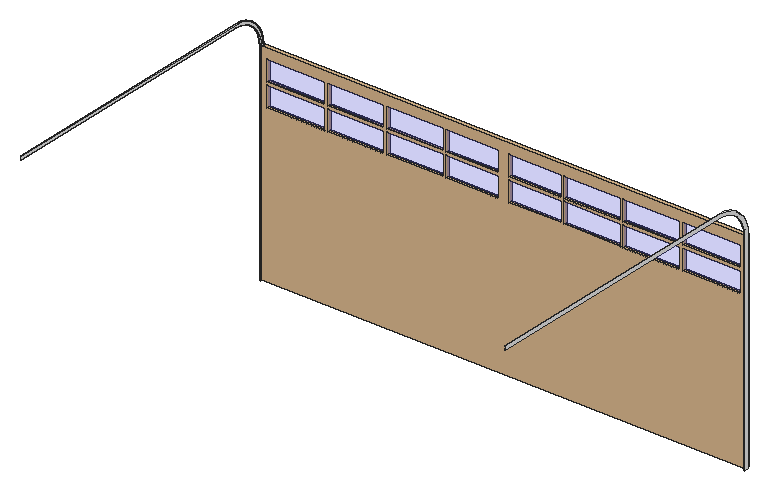
Revit family
Parameters (values of type "7Ft H x 16Ft W")
  Track Width = Width + 0' 2"  # 16' - 2"
  Track Height = Height + 1' 0"  # 8' - 0"
  Track Depth = 10' - 0"
  Track = Metal
  SmartBIM Object Version = 1  # constant formula
  SmartBIM Object Created By = "Reed Construction Data"  # constant formula
  Rough Width = 0' - 0"
  Rough Height = 0' - 0"
  Panel Thickness = 0' - 1 1/2"
  Manufacturer = ""
  Height = 7' - 0"
  Wall Closure = (empty or 0)
  Width = 16' - 0"
  Door Glass = Glass
  Door = Wood
  95 CSI = "08360"  # constant formula
  04 CSI = "08 36 13"  # constant formula
Types (3): name | Track Width | Width
  (no name) | 16' - 2" | 16' - 0"
  7Ft H x 8Ft W | 8' - 2" | 8' - 0"
  7Ft H x 16Ft W | 16' - 2" | 16' - 0"
Reference planes (in)
  plane 1 "Center (Front/Back)": y = 0
  plane 2 "Center (Left/Right)": x = 0
  plane 3 "Left": x = -96
  plane 4 "Right": x = 96
  plane 5 "Top": z = 84
  plane 6: x = -97
  plane 7: x = 97
  plane 8: y = -3.25
  plane 9: z = 81
  plane 10: y = -3.5
  plane 11: y = -3.5
  plane 12 "Ext": y = -4.25
  plane 13: y = -3.5
  plane 14 "Int": y = -2.75
  plane 15: z = 3
  plane 16: y = -3.5
  plane 17: z = 61.5
  plane 18: z = 80
  plane 19: x = 95
  plane 20: z = 62.5
  plane 21: x = 2
  plane 22: x = -2
  plane 23: x = -95
  plane 24: z = 59
  plane 25: x = -71.25
  plane 26: x = -47.5
  plane 27: x = -23.75
  plane 28: x = 71.25
  plane 29: x = 47.5
  plane 30: x = 23.75
  plane 31: z = 71.25
  plane 32: z = 40.33333
  plane 33: z = 21.66667
Forms (in)
  Extrusion 1, solid, material "Wood" <- "Door"
    sketch origin (0, 0, 0) x (1, 0, 0) y (0, 0, 1)
      loop
        line (-97, 84) -> (-97, 0) -> (97, 0) -> (97, 84) -> (-97, 84)
      loop
        line (-95, 80) -> (-95, 71.75) -> (-71.75, 71.75) -> (-71.75, 80) -> (-95, 80)
      loop
        line (-95, 62.5) -> (-71.75, 62.5) -> (-71.75, 70.75) -> (-95, 70.75) -> (-95, 62.5)
      loop
        line (95, 62.5) -> (95, 70.75) -> (71.75, 70.75) -> (71.75, 62.5) -> (95, 62.5)
      loop
        line (2, 80) -> (2, 71.75) -> (23.25, 71.75) -> (23.25, 80) -> (2, 80)
      loop
        line (2, 62.5) -> (23.25, 62.5) -> (23.25, 70.75) -> (2, 70.75) -> (2, 62.5)
      loop
        line (-70.75, 80) -> (-70.75, 71.75) -> (-48, 71.75) -> (-48, 80) -> (-70.75, 80)
      loop
        line (-47, 80) -> (-47, 71.75) -> (-24.25, 71.75) -> (-24.25, 80) -> (-47, 80)
      loop
        line (-48, 62.5) -> (-48, 70.75) -> (-70.75, 70.75) -> (-70.75, 62.5) -> (-48, 62.5)
      loop
        line (-23.25, 80) -> (-23.25, 71.75) -> (-2, 71.75) -> (-2, 80) -> (-23.25, 80)
      loop
        line (-24.25, 62.5) -> (-24.25, 70.75) -> (-47, 70.75) -> (-47, 62.5) -> (-24.25, 62.5)
      loop
        line (24.25, 80) -> (24.25, 71.75) -> (47, 71.75) -> (47, 80) -> (24.25, 80)
      loop
        line (48, 80) -> (48, 71.75) -> (70.75, 71.75) -> (70.75, 80) -> (48, 80)
      loop
        line (47, 62.5) -> (47, 70.75) -> (24.25, 70.75) -> (24.25, 62.5) -> (47, 62.5)
      loop
        line (71.75, 80) -> (71.75, 71.75) -> (95, 71.75) -> (95, 80) -> (71.75, 80)
      loop
        line (70.75, 62.5) -> (70.75, 70.75) -> (48, 70.75) -> (48, 62.5) -> (70.75, 62.5)
      loop
        line (-2, 70.75) -> (-23.25, 70.75) -> (-23.25, 62.5) -> (-2, 62.5) -> (-2, 70.75)
    from 2.75 to 4.25
  Extrusion 2, solid, material "Glass" <- "Door Glass"
    sketch origin (0, -3.25, 0) x (1, 0, 0) y (0, 0, 1)
      loop
        line (-95, 80) -> (-95, 71.75) -> (-71.75, 71.75) -> (-71.75, 80) -> (-95, 80)
      loop
        line (-70.75, 80) -> (-70.75, 71.75) -> (-48, 71.75) -> (-48, 80) -> (-70.75, 80)
      loop
        line (-47, 80) -> (-47, 71.75) -> (-24.25, 71.75) -> (-24.25, 80) -> (-47, 80)
      loop
        line (-23.25, 80) -> (-23.25, 71.75) -> (-2, 71.75) -> (-2, 80) -> (-23.25, 80)
      loop
        line (2, 80) -> (2, 71.75) -> (23.25, 71.75) -> (23.25, 80) -> (2, 80)
      loop
        line (24.25, 80) -> (24.25, 71.75) -> (47, 71.75) -> (47, 80) -> (24.25, 80)
      loop
        line (48, 80) -> (48, 71.75) -> (70.75, 71.75) -> (70.75, 80) -> (48, 80)
      loop
        line (71.75, 80) -> (71.75, 71.75) -> (95, 71.75) -> (95, 80) -> (71.75, 80)
      loop
        line (95, 70.75) -> (71.75, 70.75) -> (71.75, 62.5) -> (95, 62.5) -> (95, 70.75)
      loop
        line (48, 70.75) -> (48, 62.5) -> (70.75, 62.5) -> (70.75, 70.75) -> (48, 70.75)
      loop
        line (24.25, 70.75) -> (24.25, 62.5) -> (47, 62.5) -> (47, 70.75) -> (24.25, 70.75)
      loop
        line (2, 70.75) -> (2, 62.5) -> (23.25, 62.5) -> (23.25, 70.75) -> (2, 70.75)
      loop
        line (-23.25, 70.75) -> (-23.25, 62.5) -> (-2, 62.5) -> (-2, 70.75) -> (-23.25, 70.75)
      loop
        line (-47, 70.75) -> (-47, 62.5) -> (-24.25, 62.5) -> (-24.25, 70.75) -> (-47, 70.75)
      loop
        line (-70.75, 70.75) -> (-70.75, 62.5) -> (-48, 62.5) -> (-48, 70.75) -> (-70.75, 70.75)
      loop
        line (-95, 70.75) -> (-95, 62.5) -> (-71.75, 62.5) -> (-71.75, 70.75) -> (-95, 70.75)
    from 0 to 0.5
Lines and regions (in)
  Opening 1
    outline origin (-90, -2.75, 0) x (1, 0, 0) y (0, 0, 1)
      loop
        line (-6, 0) -> (186, 0) -> (186, 84) -> (-6, 84) -> (-6, 0)
  model lines
    curve 1: line (95, -4.25, 59) -> (2, -4.25, 59)
    curve 2: line (95, -4.25, 3) -> (95, -4.25, 21.16667)
    curve 3: line (2, -4.25, 59) -> (2, -4.25, 40.83333)
    curve 4: line (-2, -4.25, 3) -> (-95, -4.25, 3)
    curve 5: line (-2, -4.25, 59) -> (-2, -4.25, 40.83333)
    curve 6: line (-95, -4.25, 59) -> (-2, -4.25, 59)
    curve 7: line (-95, -4.25, 3) -> (-95, -4.25, 21.16667)
    curve 8: line (-2, -2.75, 59) -> (-2, -2.75, 40.83333)
    curve 9: line (-95, -2.75, 3) -> (-95, -2.75, 21.16667)
    curve 10: line (-95, -2.75, 59) -> (-2, -2.75, 59)
    curve 11: line (95, -2.75, 59) -> (2, -2.75, 59)
    curve 12: line (2, -2.75, 59) -> (2, -2.75, 40.83333)
    curve 13: line (95, -2.75, 3) -> (95, -2.75, 21.16667)
    curve 14: line (2, -4.25, 3) -> (95, -4.25, 3)
    curve 15: line (-2, -2.75, 3) -> (-95, -2.75, 3)
    curve 16: line (2, -2.75, 3) -> (95, -2.75, 3)
    curve 17: line (-95, -2.75, 40.83333) -> (-2, -2.75, 40.83333)
    curve 18: line (95, -2.75, 39.83333) -> (2, -2.75, 39.83333)
    curve 19: line (95, -2.75, 21.16667) -> (2, -2.75, 21.16667)
    curve 20: line (-95, -2.75, 22.16667) -> (-2, -2.75, 22.16667)
    curve 21: line (95, -2.75, 40.83333) -> (95, -2.75, 59)
    curve 22: line (95, -2.75, 22.16667) -> (95, -2.75, 39.83333)
    curve 23: line (2, -2.75, 39.83333) -> (2, -2.75, 22.16667)
    curve 24: line (-2, -2.75, 39.83333) -> (-2, -2.75, 22.16667)
    curve 25: line (2, -2.75, 21.16667) -> (2, -2.75, 3)
    curve 26: line (-2, -2.75, 21.16667) -> (-2, -2.75, 3)
    curve 27: line (-95, -2.75, 40.83333) -> (-95, -2.75, 59)
    curve 28: line (-95, -2.75, 22.16667) -> (-95, -2.75, 39.83333)
    curve 29: line (2, -2.75, 40.83333) -> (95, -2.75, 40.83333)
    curve 30: line (-2, -2.75, 39.83333) -> (-95, -2.75, 39.83333)
    curve 31: line (-2, -2.75, 21.16667) -> (-95, -2.75, 21.16667)
    curve 32: line (2, -2.75, 22.16667) -> (95, -2.75, 22.16667)
    curve 33: line (-95, -4.25, 40.83333) -> (-2, -4.25, 40.83333)
    curve 34: line (95, -4.25, 39.83333) -> (2, -4.25, 39.83333)
    curve 35: line (95, -4.25, 21.16667) -> (2, -4.25, 21.16667)
    curve 36: line (-95, -4.25, 22.16667) -> (-2, -4.25, 22.16667)
    curve 37: line (2, -4.25, 40.83333) -> (95, -4.25, 40.83333)
    curve 38: line (-2, -4.25, 39.83333) -> (-95, -4.25, 39.83333)
    curve 39: line (2, -4.25, 39.83333) -> (2, -4.25, 22.16667)
    curve 40: line (-2, -4.25, 39.83333) -> (-2, -4.25, 22.16667)
    curve 41: line (-2, -4.25, 21.16667) -> (-95, -4.25, 21.16667)
    curve 42: line (2, -4.25, 22.16667) -> (95, -4.25, 22.16667)
    curve 43: line (-2, -4.25, 21.16667) -> (-2, -4.25, 3)
    curve 44: line (2, -4.25, 21.16667) -> (2, -4.25, 3)
    curve 45: line (95, -4.25, 22.16667) -> (95, -4.25, 39.83333)
    curve 46: line (95, -4.25, 40.83333) -> (95, -4.25, 59)
    curve 47: line (-95, -4.25, 40.83333) -> (-95, -4.25, 59)
    curve 48: line (-95, -4.25, 22.16667) -> (-95, -4.25, 39.83333)
Text (in)
  text "Exterior" at (-74.96733, 27.31104, 0), in view "Ref. Level"
  text "Interior" at (-76.69036, -30.31274, 0), in view "Ref. Level"
  text "Exterior" at (0, 40.15149, 123.01588), in view "Right"
  text "Interior" at (0, -64.39139, 123.01588), in view "Right"
  text "Interior" at (0, -31.01599, 123.00693), in view "Left"
  text "Exterior" at (0, 54.57065, 123.00693), in view "Left"
Dimensions and locks (in)
  equal spacing: plane 3 "Left", plane 2 "Center (Left/Right)", plane 4 "Right"
  "Width": plane 3 "Left" to plane 4 "Right"
  locked: plane 6 to plane 3 "Left" at 1
  locked: plane 4 "Right" to plane 7 at 1
  plane 9 to plane 5 "Top" = 0' - 3"
  host wall to plane 8 to plane 10 = 0' - 0 1/2", 0' - 0 1/4"
  equal spacing: plane 12 "Ext", plane 13, plane 14 "Int"
  "Panel Thickness": plane 14 "Int" to plane 12 "Ext"
  plane 5 "Top" to plane 9 = 0' - 3"
  equal spacing: plane 7, plane 2 "Center (Left/Right)", plane 6
  locked: plane 15 to level at 3
  "Height": plane 5 "Top" to level
  locked: plane 17 to plane 9 at 19.5
  plane 2 "Center (Left/Right)" to plane 4 "Right" = 8' - 0"
  plane 2 "Center (Left/Right)" to plane 3 "Left" = 8' - 0"
  locked: plane 19 to plane 4 "Right" at 1
  locked: plane 21 to plane 2 "Center (Left/Right)" at 2
  locked: plane 2 "Center (Left/Right)" to plane 22 at 2
  locked: plane 3 "Left" to plane 23 at 1
  locked: plane 18 to plane 9 at 1
  locked: plane 17 to plane 20 at 1
  locked: Extrusion 2 to Extrusion 2 at 0.5
  locked: Extrusion 2 to plane 14 "Int" at 0.5
  locked: plane 24 to plane 17 at 2.5
  level to plane 15 = 0' - 3"
  plane 3 "Left" to plane 2 "Center (Left/Right)" = 8' - 0"
  plane 4 "Right" to plane 2 "Center (Left/Right)" = 8' - 0"
  equal spacing: plane 23, plane 25, plane 26, plane 27, plane 2 "Center (Left/Right)"
  equal spacing: plane 19, plane 28, plane 29, plane 30, plane 2 "Center (Left/Right)"
  equal spacing: plane 18, plane 31, plane 20
  equal spacing: Extrusion 1 sketch curve, plane 25, Extrusion 1 sketch curve
  locked: Extrusion 1 sketch curve to Extrusion 1 sketch curve at 1  (x7)
  equal spacing: Extrusion 1 sketch curve, plane 26, Extrusion 1 sketch curve
  equal spacing: Extrusion 1 sketch curve, plane 27, Extrusion 1 sketch curve
  equal spacing: Extrusion 1 sketch curve, plane 30, Extrusion 1 sketch curve
  equal spacing: Extrusion 1 sketch curve, plane 29, Extrusion 1 sketch curve
  equal spacing: Extrusion 1 sketch curve, plane 28, Extrusion 1 sketch curve
  equal spacing: Extrusion 1 sketch curve, plane 31, Extrusion 1 sketch curve
  equal spacing: plane 15, plane 33, plane 32, plane 24
  equal spacing: curve 33, plane 32, curve 38
  locked: curve 33 to curve 38 at 1
  equal spacing: curve 36, plane 33, curve 41
  locked: curve 36 to curve 41 at 1
  equal spacing: Extrusion 1 sketch curve, plane 2 "Center (Left/Right)", Extrusion 1 sketch curve
  locked: Extrusion 1 sketch curve to Extrusion 1 sketch curve at 4
  aligned and locked: plane 3 "Left" to Opening 1 sketch curve
  aligned and locked: plane 5 "Top" to Opening 1 sketch curve
  aligned and locked: Opening 1 sketch curve to plane 5 "Top"
  aligned and locked: Opening 1 sketch curve to plane 4 "Right"
  aligned and locked: Opening 1 sketch curve to level
  aligned and locked: Extrusion 1 sketch curve to plane 6
  aligned and locked: Extrusion 1 sketch curve to plane 7
  aligned and locked: Extrusion 1 sketch curve to level
  aligned and locked: Extrusion 1 sketch curve to host wall
  aligned and locked: plane 10 to plane 11
  aligned and locked: host wall to plane 14 "Int"
  aligned and locked: plane 11 to plane 13
  aligned and locked: plane 12 "Ext" to Extrusion 1
  aligned and locked: Extrusion 1 to host wall
  aligned and locked: plane 16 to plane 13
  aligned and locked: curve 1 to plane 24
  aligned and locked: plane 15 to curve 44
  aligned and locked: curve 4 to plane 15
  aligned and locked: plane 24 to curve 47
  aligned and locked: curve 8 to curve 5
  aligned and locked: curve 9 to curve 7
  aligned and locked: curve 10 to curve 6
  aligned and locked: curve 11 to curve 1
  aligned and locked: curve 12 to curve 3
  aligned and locked: curve 13 to curve 2
  aligned and locked: Extrusion 1 sketch curve to plane 18
  aligned and locked: Extrusion 1 sketch curve to plane 20
  aligned and locked: Extrusion 1 sketch curve to plane 19
  aligned and locked: Extrusion 1 sketch curve to plane 23
  aligned and locked: Extrusion 1 sketch curve to Extrusion 1 sketch curve  (x26)
  aligned and locked: Extrusion 2 sketch curve to Extrusion 1  (x56)
  aligned and locked: Extrusion 1 to Extrusion 2 sketch curve  (x4)
  aligned and locked: curve 33 to curve 37
  aligned and locked: curve 34 to curve 38
  aligned and locked: curve 36 to curve 42
  aligned and locked: curve 35 to curve 41
  aligned and locked: plane 21 to Extrusion 1 sketch curve
  aligned and locked: plane 22 to Extrusion 1 sketch curve
  aligned and locked: nested 1 to plane 2 "Center (Left/Right)"
  aligned and locked: nested 1 to plane 12 "Ext"
Automatic sketch dimensions
  curve 46 to plane 19 = 0' - 0"
  curve 43 to plane 22 = 0' - 0"
  curve 3 to plane 21 = 0' - 0"
  curve 16 to plane 15 = 0' - 0"
  Extrusion 1 sketch curve to Extrusion 1 sketch curve = 0' - 0"  (x4)
  Extrusion 1 sketch curve to plane 20 = 0' - 0"  (x5)
  Extrusion 1 sketch curve to plane 18 = 0' - 0"  (x5)
  Extrusion 1 sketch curve to plane 19 = 0' - 0"
  Extrusion 1 sketch curve to plane 23 = 0' - 0"
  curve 15 to plane 15 = 0' - 0"
  plane 32 to curve 17 = 0' - 0 1/2"
  curve 31 to plane 33 = 0' - 0 1/2"
  curve 13 to plane 33 = 0' - 0 1/2"
  curve 23 to plane 32 = 0' - 0 1/2"
  plane 33 to curve 24 = 0' - 0 1/2"
  curve 28 to plane 32 = 0' - 0 1/2"
  curve 27 to plane 23 = 0' - 0"
  curve 28 to plane 23 = 0' - 0"
  curve 26 to plane 22 = 0' - 0"
  plane 33 to curve 32 = 0' - 0 1/2"
  curve 24 to plane 22 = 0' - 0"
  plane 32 to curve 29 = 0' - 0 1/2"
  curve 23 to plane 21 = 0' - 0"
  curve 21 to plane 19 = 0' - 0"
  curve 18 to plane 19 = 0' - 0"
  curve 19 to plane 21 = 0' - 0"
  curve 33 to curve 38 = 0' - 0"
  curve 36 to curve 41 = 0' - 0"
  curve 42 to curve 35 = 0' - 0"
  curve 47 to plane 23 = 0' - 0"
  curve 5 to plane 22 = 0' - 0"
  curve 40 to plane 22 = 0' - 0"
  curve 44 to plane 21 = 0' - 0"
  curve 39 to plane 21 = 0' - 0"
  curve 34 to plane 19 = 0' - 0"
  Extrusion 2 sketch curve to plane 22 = 0' - 0"  (x2)
  Extrusion 2 sketch curve to plane 21 = 0' - 0"  (x2)
Nested families (in)
  nested 1: "Door Track" at (-0.5, -65, 0), Width <- "Track Width", Height <- "Track Height", Depth <- "Track Depth", type "Door Track"
    with Width 16' - 2", Height 8' - 0", Depth 10' - 0"
Definition of nested family "Door Track"
  Parameters
    Width [instance] = 10' - 0"
    Track = Metal
    Height [instance] = 11' - 0"
    Depth [instance] = 10' - 0"
  Reference planes (in)
    plane 1 "Center (Front/Back)": y = 0
    plane 2: z = 0
    plane 3 "Center (Left/Right)": x = 0.5
    plane 4 "Back": y = 60
    plane 5 "Front": y = -60
    plane 6 "Left": x = -59.5
    plane 7 "Right": x = 60.5
    plane 8 "Top": z = 132
    plane 9 "Center (Up/Down)": z = 66
    plane 10: y = 60.75
    plane 11: y = 61.5
  Forms (in)
    Sweep 1, solid, material "Metal" <- "Track"
      path origin (60.5, 60, 48) x (0, 1, 0) y (0, 0, 1)
        loop
          line (0, -48) -> (0, 72)
          arc (0, 72) -> (-3.51472, 80.48528) -> (-12, 84) r 12
          line (-12, 84) -> (-120, 84)
      profile origin (60.5, -6, 132) x (0, 0, -1) y (1, 0, 0)
        loop
          line (-1.5, 0) -> (-1.375, 0) -> (-1.375, 0.375) -> (-0.125, 0.375) -> (-0.125, 0) -> (0, 0) -> (0, 0.5) -> (-1.5, 0.5) -> (-1.5, 0)
    Sweep 2, solid, material "Metal" <- "Track"
      path origin (-59.5, 60, 48) x (0, 1, 0) y (0, 0, 1)
        loop
          line (0, -48) -> (0, 72)
          arc (0, 72) -> (-3.51472, 80.48528) -> (-12, 84) r 12
          line (-12, 84) -> (-120, 84)
      profile origin (-59.5, -6, 132) x (0, 0, -1) y (1, 0, 0)
        loop
          line (-1.5, 0) -> (-1.5, -0.5) -> (0, -0.5) -> (0, 0) -> (-0.125, 0) -> (-0.125, -0.375) -> (-1.375, -0.375) -> (-1.375, 0) -> (-1.5, 0)
  Dimensions and locks (in)
    equal spacing: plane 6 "Left", plane 3 "Center (Left/Right)", plane 7 "Right"
    "Width": plane 6 "Left" to plane 7 "Right"
    equal spacing: plane 4 "Back", plane 1 "Center (Front/Back)", plane 5 "Front"
    "Depth": plane 4 "Back" to plane 5 "Front"
    "Height": plane 8 "Top" to plane 2
    equal spacing: plane 8 "Top", plane 9 "Center (Up/Down)", level
    locked: Sweep 2 sketch curve to Sweep 2 sketch curve at 0.125  (x3)
    locked: Sweep 2 sketch curve to Sweep 2 sketch curve at 0.5  (x2)
    locked: Sweep 2 sketch curve to Sweep 2 sketch curve at 1.5
    locked: Sweep 1 sketch curve to Sweep 1 sketch curve at 0.5  (x2)
    locked: Sweep 1 sketch curve to Sweep 1 sketch curve at 0.125  (x3)
    locked: Sweep 1 sketch curve to Sweep 1 sketch curve at 1.5
    equal spacing: plane 4 "Back", plane 10, plane 11
    locked: plane 10 to plane 11 at 0.75
    radius of Sweep 1 sketch curve = 1' - 0"
    radius of Sweep 2 sketch curve = 1' - 0"
    aligned and locked: plane 8 "Top" to Sweep 1 sketch curve  (x2)
    aligned and locked: plane 5 "Front" to Sweep 1 sketch curve
    aligned and locked: plane 4 "Back" to Sweep 1 sketch curve
    aligned and locked: plane 4 "Back" to Sweep 2 sketch curve
    aligned and locked: plane 5 "Front" to Sweep 2 sketch curve
    aligned and locked: level to Sweep 2 sketch curve
    aligned and locked: Sweep 2 sketch curve to profile plane  (x2)
    aligned and locked: Sweep 1 sketch curve to profile plane
    aligned and locked: plane 11 to Sweep 1
  Automatic sketch dimensions
    Sweep 1 sketch curve to level = 0' - 0"
    Sweep 2 sketch curve to plane 8 "Top" = 0' - 0"
